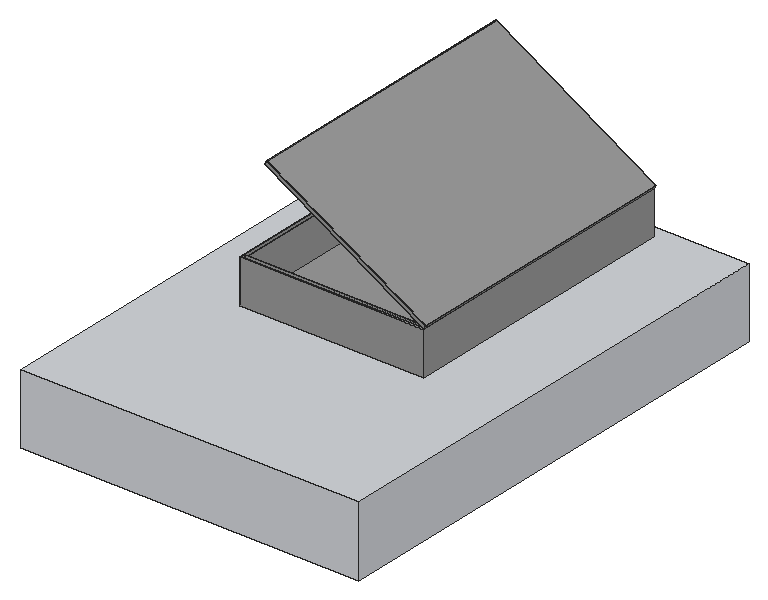
Revit family "Hager-Univers-IP54-D205-H1250-Cl.II-Encl-NL-en", category Equipement électrique, Revit 2020
Family settings
  Hôte = Face
  Configuration du panneau = Deux colonnes, circuits au sein
  Cote de connecteur circulaire = Utiliser le diamètre
  Type d'élément = Tableau de raccordement
  Couper avec des vides une fois chargée = Non
  Partagée = Non
  Point de calcul de pièce = Non
Parameters (values of type "Surface mounted (plaster) IP54 W800 H1250 D205  - FP83QSW")
  Width Control [instance] = if([EF000008 - Width] > Min Width, [EF000008 - Width], Min Width)  # 800 mm
  Commentaires du type = [HG000003 - Range]  # "Univers"
  Thickness Door [instance] = if([EF009171 - Material plate thickness door/cover] > 3 mm, 3 mm, [EF009171 - Material plate thickness door/cover])  # 1 mm
  Seal Frame Offset [instance] = 17 mm  # constant formula
  Plinth Visibility [instance] = [HG000027 - Plinth height] > 0 mm  # no
  Model = ""
  Min Width [instance] = 100 mm  # constant formula
  Min Height [instance] = 100 mm  # constant formula
  Min Depth [instance] = (2 * [EF009170 - Material plate thickness cabinet]) + 1 mm  # 3 mm
  Internal Frame Depth [instance] = (Door System Depth * 0.5)  # 9 mm
  Height Control [instance] = if([EF000040 - Height] > Min Height, [EF000040 - Height], Min Height)  # 1250 mm
  HG000027 - Plinth height = 0 mm
  HG000026 - Floor standing = no
  HG000024 - Bottom section height = 800 mm
  HG000023 - Double section enclosure = no
  HG000016 - Door 3d visibility [instance] = yes
  HG000015 - Clearance visibility [instance] = no
  HG000014 - Door on the right [instance] = yes
  HG000013 - Door on the left [instance] = not([HG000014 - Door on the right])  # no
  HG000012 - Door swing angle [instance] = 30.00°
  HG000010 - Asymmetric doors = no
  HG000009 - Double swing door = no
  HG000006 - Flush mounted = no
  HG000004 - Manufacturer reference = "FP83QSW"
  HG000003 - Range = "Univers"
  HG000002 - With door or cover = yes
  Frame Offset Bottom [instance] = 10 mm  # constant formula
  Frame Offset [instance] = 15 mm  # constant formula
  EF015940 - Cover with overpressure release = no
  EF011959 - Degree of protection (NEMA) = ""
  EF009554 - Number of openings for flange plates = 6
  EF009212 - Cover model = "EV000116 - Closed"
  EF009171 - Material plate thickness door/cover = 1 mm
  EF009170 - Material plate thickness cabinet = 1 mm
  Fabricant = "Hager"  # constant formula
  EF008873 - Nominal current (In) = 250 A
  EF007800 - Suitable for lightning protection = no
  EF006306 - With lock = no
  EF006244 - Transparent cover/door = no
  EF005474 - Degree of protection (IP) = "EV006419 - IP54"
  EF004464 - Type of door = "EV002646 - Single"
  EF004427 - Number of modules = 288
  EF004293 - Impact strength = "EV006815 - IK09"
  EF003532 - Suitable for outdoor use = no
  EF002950 - Width in number of modular spacings = 36
  EF001613 - Circuit integrity = "EV000494 - None"
  EF001596 - Material housing = "EV000179 - Steel"
  EF001131 - Internal depth = 143 mm
  EF001088 - Extension possible = yes
  EF000437 - Number of conduit inlets = 6
  EF000339 - Type of cover = "EV001012 - Cover"
  EF000266 - Number of rows = 8
  EF000218 - Built-in depth = 0 mm
  EF000118 - With mounting plate = no
  EF000116 - RAL-number = "9010"
  EF000049 - Depth = 205 mm
  EF000040 - Height = 1250 mm
  EF000008 - Width = 800 mm
  EF000007 - Colour = "EV000202 - White"
  EF000003 - Mounting method = "EV000384 - Surface mounted (plaster)"
  Door System Leaf Tolerance [instance] = 1.5 mm  # constant formula
  Door System Depth [instance] = 18 mm  # constant formula
  Door Height [instance] = Height Control - [HG000027 - Plinth height]  # 1250 mm
  Depth Control [instance] = if([EF000049 - Depth] > Min Depth, [EF000049 - Depth], Min Depth)  # 205 mm
  Default Elevation = 0 mm
  Connector Offset [instance] = Height Control / 2  # 625 mm
  Bottom Top Plate Trim [instance] = 1.5 mm  # constant formula
  Plinth height Ctrl [instance] = if([HG000027 - Plinth height] > 0 mm, [HG000027 - Plinth height], 12 mm)  # 12 mm
Types (3, lengths in mm): name | Width Control | HG000009 - Double swing door | HG000004 - Manufacturer reference | EF009554 - Number of openings for flange plates | EF004464 - Type of door | EF004427 - Number of modules | EF002950 - Width in number of modular spacings | EF001131 - Internal depth | EF000437 - Number of conduit inlets | EF000339 - Type of cover | EF000008 - Width
  Surface mounted (plaster) IP54 W1050 H1250 D205  - FP84QSW | 1050 | yes | "FP84QSW" | 8 | "EV003602 - Double" | 384 | 48 | 143 | 8 | "EV001012 - Cover" | 1050
  Surface mounted (plaster) IP54 W1300 H1250 D205  - FP85QSW | 1300 | no | "FP85QSW" | 10 | "EV003602 - Double" | 480 | 60 | 130 | 10 | "EV004216 - Door" | 1300
  Surface mounted (plaster) IP54 W800 H1250 D205  - FP83QSW | 800 | no | "FP83QSW" | 6 | "EV002646 - Single" | 288 | 36 | 143 | 6 | "EV001012 - Cover" | 800
Reference planes
  plane 1 "Center (Front/Back)": y = 0
  plane 2: z = 0
  plane 3 "Center (Left/Right)": x = 0
  plane 4: z = 205
  plane 5: y = 1
  plane 6: y = 625
  plane 7: y = 0
  plane 8: y = 1250
  plane 9: z = 0
  plane 10: x = -385
  plane 11: x = 385
  plane 12: x = 384
  plane 13: x = -384
  plane 14: y = 1249
  plane 15: x = -383
  plane 16: x = -400
  plane 17: x = 383
  plane 18: x = 400
  plane 19: x = 399
  plane 20: x = -399
  plane 21: y = 11
  plane 22: y = 1250
  plane 23: y = 1234
  plane 24: z = 187
  plane 25: z = 1
  plane 26: z = 186
  plane 27: z = 204
Forms (mm)
  Extrusion 1, solid
    sketch origin (0, 0, 0) x (1, 0, 0) y (0, 1, 0)
      loop
        line (-702.964, 1305) -> (-702.964, -811.445) -> (766.763, -811.445) -> (766.763, 1305) -> (-702.964, 1305)
    from 0 to -304.8
  Extrusion 2, solid, material "Hager_Steel_RAL7035_Light_Grey", visible <- "Plinth Visibility", detail levels medium+fine
    sketch origin (0, 0, 0) x (1, 0, 0) y (0, 1, 0)
      loop
        line (-400, 0) -> (400, 0) -> (400, 12) -> (-400, 12) -> (-400, 0)
    from 0 to 187
  Extrusion 3, solid, material "Hager_Steel_RAL7035_Light_Grey", detail levels medium+fine
    sketch origin (0, 0, 0) x (1, 0, 0) y (0, 1, 0)
      loop
        line (-400, 0) -> (400, 0) -> (400, 1250) -> (-400, 1250) -> (-400, 0)
    from 0 to 187
  Extrusion 4, void
    sketch origin (0, 0, 0) x (1, 0, 0) y (0, 1, 0)
      loop
        line (-399, 1) -> (399, 1) -> (399, 1249) -> (-399, 1249) -> (-399, 1)
    from 1 to 186
  Extrusion 5, void
    sketch origin (-381.607, -4572, 187) x (0, -1, 0) y (-1, 0, 0)
      loop
        line (-4583, 2.393) -> (-5806, 2.393) -> (-5806, -765.607) -> (-4583, -765.607) -> (-4583, 2.393)
    from 0 to 1 <- "EF009170 - Material plate thickness cabinet"
  Extrusion 6, solid, material "Hager_Steel_RAL7035_Light_Grey", detail levels fine
    sketch origin (0, 0, 187) x (1, 0, 0) y (0, 1, 0)
      loop
        line (-384, 1234) -> (-384, 11) -> (384, 11) -> (384, 1234) -> (-384, 1234)
      loop
        line (-385, 10) -> (385, 10) -> (385, 1235) -> (-385, 1235) -> (-385, 10)
    from 0 to 9 <- "Internal Frame Depth"
  Extrusion 7, solid, material "Hager_Steel_RAL7035_Light_Grey", detail levels coarse
    sketch origin (0, 0, 0) x (1, 0, 0) y (0, 1, 0)
      loop
        line (-400, 0) -> (400, 0) -> (400, 1250) -> (-400, 1250) -> (-400, 0)
    from 0 to 205
  Sweep 8, void
    path in 3D
      loop
        line (-400, 12, 0) -> (400, 12, 0) -> (400, 12, 187) -> (-400, 12, 187) -> (-400, 12, 0)
    profile origin (-400, 12, 93.5) x (-1, 0, 0) y (0, -1, 0)
      loop
        line (0, 0) -> (0, 1.5) -> (-1.5, 1.5)
        arc (-1.5, 1.5) -> (-1.061, 0.439) -> (0, 0) r 1.5
Cuts and joins
  Extrusion 4, Extrusion 5 cuts Extrusion 3
  Sweep 8 cuts Extrusion 2
Lines and regions (mm)
  Masking region 1
    outline origin (0, 0, 0) x (1, 0, 0) y (0, 0, 1)
      loop
        line (-400, 205) -> (-400, 0) -> (400, 0) -> (400, 205) -> (-400, 205)
  Masking region 2, detail levels medium+fine
    outline origin (0, 140, 0) x (0, 1, 0) y (0, 0, 1)
      loop
        line (-140, 0) -> (1110, 0) -> (1110, 187) -> (-140, 187) -> (-140, 0)
  Masking region 3, not visible, detail levels medium+fine
    outline origin (0, 297.922, 0) x (0, 1, 0) y (0, 0, 1)
      loop
        line (338.578, 0) -> (378.578, 0) -> (378.578, 194)
        arc (378.578, 194) -> (375.649, 201.071) -> (368.578, 204) r 10
        line (368.578, 204) -> (338.578, 204) -> (338.578, 0)
  Masking region 4, detail levels coarse
    outline origin (0, 0, 180) x (0, 1, 0) y (0, 0, 1)
      loop
        line (0, -180) -> (1250, -180) -> (1250, 25) -> (0, 25) -> (0, -180)
  Masking region 5, visible <- "Plinth Visibility", detail levels medium+fine
    outline origin (0, 52.24, 12.345) x (0, 0, -1) y (0, 1, 0)
      loop
        line (10.845, -40.24) -> (-173.155, -40.24)
        arc (-173.155, -40.24) -> (-173.594, -41.301) -> (-174.655, -41.74) r 1.5
        line (-174.655, -41.74) -> (-174.655, -52.24) -> (12.345, -52.24) -> (12.345, -41.74)
        arc (12.345, -41.74) -> (11.285, -41.301) -> (10.845, -40.24) r 1.5
  Masking region 6, detail levels medium+fine
    outline origin (-381.607, -4572, 187) x (-1, 0, 0) y (0, -1, 0)
      loop
        line (18.393, -5822) -> (18.393, -4572) -> (-781.607, -4572) -> (-781.607, -5822) -> (18.393, -5822)
  Masking region 7, visible <- "Plinth Visibility", detail levels medium+fine
    outline origin (-381.607, -4727, 187) x (-1, 0, 0) y (0, -1, 0)
      loop
        arc (16.893, -4739) -> (17.332, -4737.939) -> (18.393, -4737.5) r 1.5
        line (18.393, -4737.5) -> (18.393, -4727) -> (-781.607, -4727) -> (-781.607, -4737.5)
        arc (-781.607, -4737.5) -> (-780.546, -4737.939) -> (-780.107, -4739) r 1.5
        line (-780.107, -4739) -> (16.893, -4739)
  Masking region 8, detail levels coarse
    outline origin (-442.548, -4669.526, 187) x (-1, 0, 0) y (0, -1, 0)
      loop
        line (-42.548, -5919.526) -> (-42.548, -4669.526) -> (-842.548, -4669.526) -> (-842.548, -5919.526) -> (-42.548, -5919.526)
  sketch lines
    curve 1: line (-400, 12, 187) -> (-400, 12, 0)
    curve 2: line (400, 12, 187) -> (-400, 12, 187)
    curve 3: line (400, 12, 187) -> (400, 12, 0)
    curve 4: line (-400, 12, 0) -> (400, 12, 0)
Dimensions and locks
  "Depth Control": plane 4 to Extrusion 1
  "HG000027 - Plinth height": plane 1 "Center (Front/Back)" to plane 7
  "EF009170 - Material plate thickness cabinet": plane 5 to plane 7
  locked: connector elem to plane 3 "Center (Left/Right)"
  equal spacing: plane 8, plane 6, plane 7
  locked: connector elem to plane 6
  "EF009170 - Material plate thickness cabinet": plane 8 to plane 14
  "EF009170 - Material plate thickness cabinet": plane 10 to plane 13
  "EF009170 - Material plate thickness cabinet": plane 12 to plane 11
  "Frame Offset": plane 20 to plane 13
  "Frame Offset": plane 12 to plane 19
  "EF009170 - Material plate thickness cabinet": plane 16 to plane 20
  "EF009170 - Material plate thickness cabinet": plane 19 to plane 18
  "Seal Frame Offset": plane 16 to plane 15
  "Seal Frame Offset": plane 17 to plane 18
  "Frame Offset Bottom": plane 21 to plane 5
  "Frame Offset": plane 14 to plane 23
  equal spacing: plane 16, plane 3 "Center (Left/Right)", plane 18
  "Width Control": plane 16 to plane 18
  "EF009170 - Material plate thickness cabinet": plane 4 to plane 27
  "EF009170 - Material plate thickness cabinet": plane 24 to plane 26
  "EF009170 - Material plate thickness cabinet": plane 25 to level
  "Door System Depth": plane 4 to plane 24
  "Height Control": plane 1 "Center (Front/Back)" to Extrusion 7 sketch curve
  "Height Control": Masking region 4 sketch curve to plane 1 "Center (Front/Back)"
  "Height Control": plane 1 "Center (Front/Back)" to plane 22
  "Bottom Top Plate Trim": profile plane to Sweep 8 sketch curve
  "Bottom Top Plate Trim": Sweep 8 sketch curve to profile plane
  "Plinth height Ctrl": plane 1 "Center (Front/Back)" to Extrusion 2 sketch curve
  "Plinth height Ctrl": Masking region 5 sketch curve to plane 1 "Center (Front/Back)"
  "Plinth height Ctrl": plane 1 "Center (Front/Back)" to Masking region 7 sketch curve
  "Thickness Door": Extrusion 6 sketch curve to Extrusion 6 sketch curve  (x3)
  "Thickness Door": cut or joined group of Extrusion 3, Extrusion 4, Extrusion 5 to Extrusion 6 sketch curve
  radius of Masking region 3 sketch curve = 10 mm
  "Bottom Top Plate Trim": radius of Masking region 5 sketch curve  (x2)
  "Bottom Top Plate Trim": radius of Sweep 8 sketch curve
  "Bottom Top Plate Trim": radius of Masking region 7 sketch curve  (x2)
  aligned and locked: plane 2 to Extrusion 1
  aligned and locked: level to Extrusion 1
  aligned and locked: level to Masking region 1 sketch curve
  aligned and locked: Masking region 1 sketch curve to plane 18
  aligned and locked: Masking region 1 sketch curve to plane 16
  aligned and locked: plane 7 to Masking region 2 sketch curve
  aligned and locked: level to Masking region 3 sketch curve
  aligned and locked: Masking region 3 sketch curve to plane 27
  aligned and locked: level to Masking region 2 sketch curve
  aligned and locked: plane 1 "Center (Front/Back)" to Extrusion 2 sketch curve
  aligned and locked: Extrusion 3 sketch curve to plane 7
  aligned and locked: plane 16 to Extrusion 3 sketch curve
  aligned and locked: plane 18 to Extrusion 3 sketch curve
  aligned and locked: plane 20 to Extrusion 4 sketch curve
  aligned and locked: plane 19 to Extrusion 4 sketch curve
  aligned and locked: Extrusion 4 sketch curve to plane 5
  aligned and locked: Extrusion 4 to plane 25
  aligned and locked: plane 26 to Extrusion 4
  aligned and locked: plane 24 to Extrusion 3
  aligned and locked: Extrusion 5 sketch curve to plane 21
  aligned and locked: Extrusion 5 sketch curve to plane 13
  aligned and locked: Extrusion 5 sketch curve to plane 12
  aligned and locked: plane 18 to Extrusion 7 sketch curve
  aligned and locked: plane 1 "Center (Front/Back)" to Extrusion 7 sketch curve
  aligned and locked: plane 16 to Extrusion 7 sketch curve
  aligned and locked: plane 4 to Extrusion 7
  aligned and locked: Extrusion 7 to level
  aligned and locked: level to Masking region 4 sketch curve
  aligned and locked: Masking region 4 sketch curve to plane 1 "Center (Front/Back)"
  aligned and locked: Masking region 4 sketch curve to plane 4
  aligned and locked: nested 1 to level
  aligned and locked: nested 1 to plane 16
  aligned and locked: plane 8 to Extrusion 3 sketch curve
  aligned and locked: plane 23 to Extrusion 5 sketch curve
  aligned and locked: plane 14 to Extrusion 4 sketch curve
  aligned and locked: Masking region 2 sketch curve to plane 8
  aligned and locked: level to Masking region 5 sketch curve
  aligned and locked: plane 16 to Extrusion 2 sketch curve
  aligned and locked: plane 18 to Extrusion 2 sketch curve
  aligned and locked: Masking region 5 sketch curve to plane 24
  aligned and locked: Masking region 2 sketch curve to plane 24
  aligned and locked: plane 24 to Extrusion 2
  aligned and locked: profile plane to Sweep 8 sketch curve  (x2)
  aligned and locked: Masking region 6 sketch curve to plane 18
  aligned and locked: Masking region 6 sketch curve to plane 22
  aligned and locked: Masking region 6 sketch curve to plane 16
  aligned and locked: plane 8 to plane 22
  aligned and locked: Masking region 6 sketch curve to plane 7
  aligned and locked: Masking region 7 sketch curve to plane 16
  aligned and locked: Masking region 7 sketch curve to plane 1 "Center (Front/Back)"
  aligned and locked: Masking region 7 sketch curve to plane 18
  aligned and locked: Masking region 8 sketch curve to plane 1 "Center (Front/Back)"
  aligned and locked: Masking region 8 sketch curve to plane 18
  aligned and locked: Masking region 8 sketch curve to plane 22
  aligned and locked: Masking region 8 sketch curve to plane 16
  aligned and locked: nested 2 to plane 7
  aligned and locked: plane 3 "Center (Left/Right)" to nested 2
  aligned and locked: nested 2 to plane 24
  aligned and locked: Extrusion 6 sketch curve to cut or joined group of Extrusion 3, Extrusion 4, Extrusion 5  (x4)
Automatic sketch dimensions
  Extrusion 1 sketch curve to Extrusion 1 sketch curve = 1469.727 mm
  Extrusion 1 sketch curve to Extrusion 1 sketch curve = 2116.445 mm
  Masking region 1 sketch curve to plane 4 = 0 mm
  plane 6 to Masking region 3 sketch curve = 11.5 mm
  Masking region 3 sketch curve to Masking region 3 sketch curve = 30 mm
  Masking region 5 sketch curve to plane 1 "Center (Front/Back)" = 0 mm
Nested families
  nested 1: "Hager_Enclosure_Symbol" at (-400, 0, 0) x (1, 0, 0) z (0, -1, 0), Height <- "Depth Control", Width <- "Width Control", type "Hager_Enclosure_Symbol"
    with Width_Ctrl 800 mm, Width 800 mm, Height_Ctrl 205 mm, Height 205 mm, A_Width_Int 13.453 mm, A_Width 161.438 mm, A_Height_Ctrl 179.375 mm, A_Height 179.375 mm
  nested 2: "EC000058_Univers_Door" at (0, 0, 187) x (1, 0, 0) z (0, 1, 0), Leaf_Tolerance <- "Door System Leaf Tolerance", Angle <- "HG000012 - Door swing angle", Door_Depth <- "Door System Depth", Door_Left <- "HG000013 - Door on the left", Transparent <- "EF006244 - Transparent cover/door", Assymetrical <- "HG000010 - Asymmetric doors", Width <- "Width Control", Clearance <- "HG000015 - Clearance visibility", Double <- "HG000009 - Double swing door", 3d_Door <- "HG000016 - Door 3d visibility", Lock_Visibility <- "EF006306 - With lock", Width_Ctrl <- "Width Control", Door_Right <- "HG000014 - Door on the right", Door <- "HG000002 - With door or cover", Height <- "Door Height", Thickness <- "Thickness Door", type "EC000058_Univers_Door", detail levels medium+fine
    with min_wh 3 mm, Width_Ctrl 800 mm, Width 800 mm, Transparent no, Thickness 1 mm, Seal_Material Hager_Rubber, Lock_Visibility no, Lock_Material Hager_Plastic_RAL9005_Jet_Black, Leaf_Width 800 mm, Leaf_Tolerance_External_Sides 0 mm, Leaf_Tolerance 1.5 mm, Leaf_Offset 0 mm, Leaf_Height 1247 mm, Leaf_2_Width 800 mm, Leaf_2_Offset 400 mm, Leaf_1_Width 800 mm, Leaf_1_Offset 400 mm, Height_Ctrl 1250 mm, Height 1250 mm, Glass_Material Hager_Glass, Double_Clearance_Ctrl no, Double no, Door_Right_Ctrl yes, Door_Right yes, Door_Material Hager_Steel_RAL7035_Light_Grey, Door_Left_Ctrl no, Door_Left no, Door_Depth 18 mm, Door yes, Clearance_Material Hager_Clearance, Clearance_Depth 800 mm, Clearance_Ctrl no, Clearance no, Assymetrical no, Angle 30.00°, 3d_Door yes
Connectors
  electrical at (0, 625, 0)
    settings: on plane 9, index 1, voltage 0 V, apparent load 0 VA, apparent load phase1 0 VA, apparent load phase2 0 VA, apparent load phase3 0 VA, power factor 1, load classification "Other", number of poles 1, system type 30, power factor state 1, is connector primary yes, connector utility no, sub classification motor no, connector description ""
Definition of nested family "EC000058_Univers_Door"
  Parameters (values of type "EC000058_Univers_Door")
    min_wh [instance] = (2 * Thickness) + 1 mm  # 11 mm
    Width_Ctrl [instance] = 400 mm
    Width [instance] = 500 mm
    Transparent [instance] = yes
    Thickness [instance] = 5 mm
    Seal_Material [instance] = none
    Lock_Visibility [instance] = yes
    Lock_Material [instance] = none
    Leaf_Width [instance] = if((Width_Ctrl - 2 * Leaf_Tolerance_External_Sides) > 0 mm, (Width_Ctrl - 2 * Leaf_Tolerance_External_Sides), min_wh)  # 400 mm
    Leaf_Tolerance_External_Sides [instance] = 0 mm  # constant formula
    Leaf_Tolerance [instance] = 1.5 mm
    Leaf_Offset [instance] = 0 mm  # constant formula
    Leaf_Height [instance] = if((Height_Ctrl - 2 * Leaf_Tolerance) > 0 mm, (Height_Ctrl - 2 * Leaf_Tolerance), min_wh)  # 497 mm
    Leaf_2_Width [instance] = if(and(and(Double, Assymetrical), Door_Left), (Leaf_Width / 3) - (Leaf_Tolerance / 2), if(and(and(Double, Assymetrical), Door_Right), (Leaf_Width / 3) * 2 - (Leaf_Tolerance / 2), if(and(Double, not(Assymetrical)), (Leaf_Width / 2) - Leaf_Tolerance, Leaf_Width)))  # 400 mm
    Leaf_2_Offset [instance] = if(and(Double, Assymetrical), Leaf_2_Width / 2, if(and(Double, not(Assymetrical)), Leaf_Width / 4, Leaf_Width / 2))  # 200 mm
    Leaf_1_Width [instance] = if(and(and(Double, Assymetrical), Door_Right), (Leaf_Width / 3) - (Leaf_Tolerance / 2), if(and(and(Double, Assymetrical), Door_Left), (Width / 3) * 2 - (Leaf_Tolerance / 2), if(and(Double, not(Assymetrical)), (Leaf_Width / 2) - Leaf_Tolerance, Leaf_Width)))  # 400 mm
    Leaf_1_Offset [instance] = if(and(Double, Assymetrical), Leaf_1_Width / 2, if(and(Double, not(Assymetrical)), Leaf_Width / 4, Leaf_Width / 2))  # 200 mm
    Height_Ctrl [instance] = if(Height > min_wh, Height, min_wh)  # 500 mm
    Height [instance] = 500 mm
    Glass_Material [instance] = none
    Double_Clearance_Ctrl [instance] = and(Double, Clearance)  # no
    Double [instance] = no
    Door_Right_Ctrl [instance] = and(or(Door_Right, Double), Door)  # yes
    Door_Right [instance] = yes
    Door_Material [instance] = none
    Door_Left_Ctrl [instance] = and(or(Door_Left, Double), Door)  # no
    Door_Left [instance] = no
    Door_Depth [instance] = 30 mm
    Door [instance] = yes
    Default Elevation = 1219.2 mm
    Clearance_Material [instance] = none
    Clearance_Depth [instance] = if(Leaf_1_Width > Leaf_2_Width, Leaf_1_Width, Leaf_2_Width)  # 400 mm
    Clearance_Ctrl [instance] = and(not(Double), Clearance)  # yes
    Clearance [instance] = yes
    Assymetrical [instance] = yes
    Angle [instance] = 30.00°
    3d_Door [instance] = yes
  Reference planes
    plane 1 "Center (Front/Back)": y = 0
    plane 2 "Bottom": z = 0
    plane 3 "Center (Left/Right)": x = 0
    plane 4: z = 500
    plane 5: x = -200
    plane 6: x = 200
    plane 7: z = 500
    plane 8: x = -200
    plane 9: z = 0
    plane 10: x = 200
    plane 11: y = 0
    plane 12: z = 1.5
    plane 13: x = -600
    plane 14: y = -400
    plane 15: x = 600
    plane 16: x = 0
    plane 17: x = 0
    plane 18: x = -200
    plane 19: x = 200
    plane 20: z = 498.5
  Forms (mm)
    Extrusion 1, solid, material <- "Clearance_Material", visible <- "Double_Clearance_Ctrl"
      sketch origin (1200, 0, 0) x (1, 0, 0) y (0, 0, -1)
        loop
          line (-1800, -498.5) -> (-600, -498.5) -> (-600, 0) -> (-1800, 0) -> (-1800, -498.5)
      from 0 to -400
  Dimensions and locks
    equal spacing: plane 5, plane 3 "Center (Left/Right)", plane 6
    "Width_Ctrl": plane 5 to plane 6
    "Leaf_Offset": plane 5 to plane 8
    "Leaf_Offset": plane 6 to plane 10
    "Leaf_Offset": plane 9 to level
    "Leaf_Offset": plane 4 to plane 7
    "Height_Ctrl": plane 4 to level
    "Leaf_Tolerance": plane 12 to plane 9
    locked: plane 11 to plane 1 "Center (Front/Back)"
    "Leaf_1_Offset": plane 18 to plane 16
    "Leaf_2_Offset": plane 17 to plane 19
    "Leaf_1_Width": plane 13 to plane 8
    "Leaf_2_Width": plane 10 to plane 15
    "Clearance_Depth": plane 14 to plane 1 "Center (Front/Back)"
    "Leaf_Tolerance_External_Sides": plane 8 to plane 18
    "Leaf_Tolerance_External_Sides": plane 19 to plane 10
    "Leaf_Tolerance": plane 7 to plane 20
    aligned and locked: level to plane 2 "Bottom"
    aligned and locked: nested 1 to plane 16
    aligned and locked: nested 2 to plane 17
    aligned and locked: Extrusion 1 to plane 13
    aligned and locked: plane 15 to Extrusion 1
    aligned and locked: Extrusion 1 to plane 14
    aligned and locked: plane 12 to nested 1
    aligned and locked: nested 2 to plane 12
    aligned and locked: Extrusion 1 to plane 11
    aligned and locked: plane 20 to Extrusion 1
    aligned and locked: nested 2 to plane 11
    aligned and locked: nested 1 to plane 11
  Automatic sketch dimensions
    Extrusion 1 sketch curve to level = 0 mm
    plane 5 to Extrusion 1 sketch curve = 400 mm
    plane 6 to Extrusion 1 sketch curve = 400 mm
    Extrusion 1 sketch curve to plane 4 = 1.5 mm
  Nested families
    nested 1: "EC000058_Univers_Door_Leaf" at (0, 0, 1.5), Width <- "Leaf_1_Width", visible <- "Door_Left_Ctrl", Leaf_Height <- "Leaf_Height", Angle <- "Angle", 3d_Door <- "3d_Door", Transparent <- "Transparent", Clearance Material <- "Clearance_Material", Clearance <- "Clearance_Ctrl", Door_Material <- "Door_Material", Glass_Material <- "Glass_Material", Door_Depth <- "Door_Depth", Lock_Material <- "Lock_Material", Seal_Material <- "Seal_Material", Lock_Visibility <- "Lock_Visibility", Thickness <- "Thickness", type "EC000058_Univers_Door_Leaf"
      with Width 400 mm, Transparent_Glass_Offset 30 mm, Transparent_Ctrl yes, Transparent yes, Thickness 5 mm, Standard no, Seal_Material none, Seal_D2 8 mm, Seal_D1 1 mm, Offset_Internal_Frame 10 mm, Lock_Width 20 mm, Lock_Visibility_3d yes, Lock_Visibility yes, Lock_Thickness_3 3 mm, Lock_Thickness_2 1 mm, Lock_Thickness_1 3 mm, Lock_Radius_Offset_2 16 mm, Lock_Radius_Offset_1 15 mm, Lock_Radius_2 5 mm, Lock_Radius 6 mm, Lock_Offset 5 mm, Lock_Material none, Lock_Height 80 mm, Lock_Cover_Top_Offset_2d 17 mm, Lock_Cover_Height -65 mm, Leaf_Height 497 mm, Internal_Seal_Thickness 8 mm, Internal_Seal_Depth_2 4.5 mm, Internal_Frame_Depth 25 mm, Glass_Thickness -1 mm, Glass_Offset -2 mm, Glass_Material none, Door_Material none, Door_Depth 30 mm, Clearance Material none, Clearance yes, Angle_Ctrl 30.00°, Angle 30.00°, 3d_Door yes
    nested 2: "EC000058_Univers_Door_Leaf" at (0, 0, 1.5) x (-1, 0, 0) z (0, 0, 1), Width <- "Leaf_2_Width", visible <- "Door_Right_Ctrl", Leaf_Height <- "Leaf_Height", Angle <- "Angle", 3d_Door <- "3d_Door", Transparent <- "Transparent", Clearance Material <- "Clearance_Material", Clearance <- "Clearance_Ctrl", Door_Material <- "Door_Material", Glass_Material <- "Glass_Material", Door_Depth <- "Door_Depth", Lock_Material <- "Lock_Material", Seal_Material <- "Seal_Material", Lock_Visibility <- "Lock_Visibility", Thickness <- "Thickness", type "EC000058_Univers_Door_Leaf"
      with Width 400 mm, Transparent_Glass_Offset 30 mm, Transparent_Ctrl yes, Transparent yes, Thickness 5 mm, Standard no, Seal_Material none, Seal_D2 8 mm, Seal_D1 1 mm, Offset_Internal_Frame 10 mm, Lock_Width 20 mm, Lock_Visibility_3d yes, Lock_Visibility yes, Lock_Thickness_3 3 mm, Lock_Thickness_2 1 mm, Lock_Thickness_1 3 mm, Lock_Radius_Offset_2 16 mm, Lock_Radius_Offset_1 15 mm, Lock_Radius_2 5 mm, Lock_Radius 6 mm, Lock_Offset 5 mm, Lock_Material none, Lock_Height 80 mm, Lock_Cover_Top_Offset_2d 17 mm, Lock_Cover_Height -65 mm, Leaf_Height 497 mm, Internal_Seal_Thickness 8 mm, Internal_Seal_Depth_2 4.5 mm, Internal_Frame_Depth 25 mm, Glass_Thickness -1 mm, Glass_Offset -2 mm, Glass_Material none, Door_Material none, Door_Depth 30 mm, Clearance Material none, Clearance yes, Angle_Ctrl 30.00°, Angle 30.00°, 3d_Door yes
  Definition of nested family "EC000058_Univers_Door_Leaf"
    Parameters (values of type "EC000058_Univers_Door_Leaf")
      Width [instance] = 2000 mm
      Transparent_Glass_Offset [instance] = 30 mm
      Transparent_Ctrl [instance] = and(Transparent, [3d_Door])  # yes
      Transparent [instance] = yes
      Thickness [instance] = 5 mm
      Standard [instance] = and(not(Transparent), [3d_Door])  # no
      Seal_Material [instance] = none
      Seal_D2 [instance] = 8 mm  # constant formula
      Seal_D1 [instance] = 1 mm  # constant formula
      Offset_Internal_Frame [instance] = 10 mm  # constant formula
      Lock_Width [instance] = 20 mm  # constant formula
      Lock_Visibility_3d [instance] = and(Lock_Visibility, [3d_Door])  # yes
      Lock_Visibility [instance] = yes
      Lock_Thickness_3 [instance] = 3 mm  # constant formula
      Lock_Thickness_2 [instance] = 1 mm  # constant formula
      Lock_Thickness_1 [instance] = 3 mm  # constant formula
      Lock_Radius_Offset_2 [instance] = Lock_Radius_Offset_1 + 1 mm  # 16 mm
      Lock_Radius_Offset_1 [instance] = 15 mm  # constant formula
      Lock_Radius_2 [instance] = Lock_Radius - 1 mm  # 5 mm
      Lock_Radius [instance] = 6 mm  # constant formula
      Lock_Offset [instance] = 5 mm  # constant formula
      Lock_Material [instance] = none
      Lock_Height [instance] = 80 mm  # constant formula
      Lock_Cover_Top_Offset_2d [instance] = Lock_Radius_Offset_2 + 1 mm  # 17 mm
      Lock_Cover_Height [instance] = -(Lock_Height - Lock_Radius_Offset_1)  # -65 mm
      Leaf_Height [instance] = 2720.336 mm
      Internal_Seal_Thickness [instance] = 8 mm  # constant formula
      Internal_Seal_Depth_2 [instance] = 4.5 mm  # constant formula
      Internal_Frame_Depth [instance] = if(Door_Depth - Thickness > 5 mm, Door_Depth - Thickness, 5 mm)  # 25 mm
      Glass_Thickness [instance] = if(Thickness > 15 mm, Glass_Offset + 10 mm, -1 mm)  # -1 mm
      Glass_Offset [instance] = if(Thickness > 15 mm, -(Thickness + 10 mm) / 2, -2 mm)  # -2 mm
      Glass_Material [instance] = none
      Door_Material [instance] = none
      Door_Depth [instance] = 30 mm
      Default Elevation = 0 mm
      Clearance Material [instance] = none
      Clearance [instance] = yes
      Angle_Ctrl [instance] = if(Angle > 180.00°, 180.00°, Angle)  # 90.00°
      Angle [instance] = 90.00°
      3d_Door [instance] = yes
    Reference planes
      plane 1 "Center (Front/Back)": y = 0
      plane 2: z = 0
      plane 3 "Center (Left/Right)": x = 0
      plane 4: y = 2000
      plane 5: x = -1000
      plane 6: x = 1000
      plane 7: x = -3000
      plane 8: z = 2720.336
      plane 9: z = 30
      plane 10: z = 2690.336
      plane 11: x = 970
      plane 12: x = -970
      plane 13: y = -3
      plane 14: z = 107.833
      plane 15: y = -5
      plane 16: y = -223.314
      plane 17: x = -1000
      plane 18: z = 1360.168
      plane 19: y = 30
    Forms (mm)
      Extrusion 1, solid, material <- "Clearance Material", visible <- "Clearance"
        sketch origin (0, 0, 0) x (1, 0, 0) y (0, 0, 1)
          loop
            line (-3000, 2720.336) -> (-3000, 0) -> (1000, 0) -> (1000, 2720.336) -> (-3000, 2720.336)
        from 0 to -2000
      Extrusion 2, solid, material <- "Door_Material", visible <- "Standard", detail levels medium+fine
        sketch origin (-1000, 0, 0) x (0, 1, 0) y (-1, 0, 0)
          loop
            line (0, 30) -> (0, 25) -> (2000, 25) -> (2000, 30) -> (0, 30)
        from 0 to 2720.336 <- "Leaf_Height"
      Extrusion 3, solid, material <- "Door_Material", visible <- "Transparent_Ctrl", detail levels medium+fine
        sketch origin (-1000, 0, 0) x (0, 1, 0) y (-1, 0, 0)
          loop
            line (0, 25) -> (2000, 25) -> (2000, 30) -> (0, 30) -> (0, 25)
        from 0 to 2720.336 <- "Leaf_Height"
      Extrusion 4, void
        sketch origin (-1025, 2000, 0) x (0, 1, 0) y (0, 0, -1)
          loop
            line (-30, -2690.336) -> (-30, -30) -> (-1970, -30) -> (-1970, -2690.336) -> (-30, -2690.336)
        from 0 to 5 <- "Thickness"
      Sweep 5, solid, material <- "Seal_Material", visible <- "Transparent_Ctrl", detail levels fine
        path in 3D
          loop
            line (-1025, 30, 30) -> (-1025, 30, 2690.336) -> (-1025, 1970, 2690.336) -> (-1025, 1970, 30) -> (-1025, 30, 30)
        profile origin (-1025, 1000, 30) x (1, 0, 0) y (0, 0, 1)
          loop
            line (0, 0) -> (0, -8) -> (1, -8) -> (1, 0) -> (0, 0)
      Extrusion 6, solid, material <- "Glass_Material", visible <- "Transparent_Ctrl", detail levels medium+fine
        sketch origin (-1030, 0, 0) x (0, 1, 0) y (0, 0, -1)
          loop
            line (1970, -2690.336) -> (1970, -30) -> (30, -30) -> (30, -2690.336) -> (1970, -2690.336)
        from -2 <- "Glass_Offset" to -1 <- "Glass_Thickness"
      Extrusion 7, solid, material <- "Door_Material", visible <- "3d_Door", detail levels medium+fine
        sketch origin (-1025, 2000, 0) x (0, -1, 0) y (0, 0, -1)
          loop
            line (0, -2720.336) -> (2000, -2720.336) -> (2000, 0) -> (0, 0) -> (0, -2720.336)
          loop
            line (1995, -5) -> (5, -5) -> (5, -2715.336) -> (1995, -2715.336) -> (1995, -5)
        from 0 to 25 <- "Internal_Frame_Depth"
      Sweep 8, solid, material <- "Seal_Material", visible <- "Transparent_Ctrl", detail levels fine
        path in 3D
          loop
            line (-1025, 0, 0) -> (-1025, 2000, 0) -> (-1025, 2000, 2720.336) -> (-1025, 0, 2720.336) -> (-1025, 0, 0)
        profile origin (-1025, 0, 1360.168) x (1, 0, 0) y (0, 1, 0)
          loop
            line (0, 10) -> (2.975, 10)
            arc (2.975, 10) -> (4.053, 10.447) -> (4.5, 11.525) r 1.525
            line (4.5, 11.525) -> (4.5, 16.527)
            arc (4.5, 16.527) -> (4.069, 17.569) -> (3.027, 18) r 1.473
            line (3.027, 18) -> (0, 18) -> (0, 10)
      Extrusion 9, solid, material <- "Lock_Material", visible <- "Lock_Visibility_3d", detail levels fine
        sketch origin (-1030, 0, 0) x (0, 1, 0) y (0, 0, -1)
          loop
            arc (1993.5, -1400.168) -> (1994.561, -1399.729) -> (1995, -1398.668) r 1.5
            line (1995, -1398.668) -> (1995, -1320.168) -> (1975, -1320.168) -> (1975, -1398.668)
            arc (1975, -1398.668) -> (1975.439, -1399.729) -> (1976.5, -1400.168) r 1.5
            line (1976.5, -1400.168) -> (1993.5, -1400.168)
        from 3 <- "Lock_Thickness_1" to 0
      Blend 10, solid, material <- "Lock_Material", visible <- "Lock_Visibility_3d", detail levels fine
        base sketch origin (-1033, 0, 0) x (0, 1, 0) y (0, 0, -1)
          loop
            line (1975, -1320.168) -> (1975, -1398.668)
            arc (1975, -1398.668) -> (1975.439, -1399.729) -> (1976.5, -1400.168) r 1.5
            line (1976.5, -1400.168) -> (1993.5, -1400.168)
            arc (1993.5, -1400.168) -> (1994.561, -1399.729) -> (1995, -1398.668) r 1.5
            line (1995, -1398.668) -> (1995, -1320.168) -> (1975, -1320.168)
        top sketch origin (-1033, 0, 0) x (0, 1, 0) y (0, 0, -1)
          loop
            line (1976, -1320.168) -> (1976, -1398.668)
            arc (1976, -1398.668) -> (1976.146, -1399.022) -> (1976.5, -1399.168) r 0.5
            line (1976.5, -1399.168) -> (1993.5, -1399.168)
            arc (1993.5, -1399.168) -> (1993.854, -1399.022) -> (1994, -1398.668) r 0.5
            line (1994, -1398.668) -> (1994, -1320.168) -> (1976, -1320.168)
        from 0 to 1 <- "Lock_Thickness_2"
      Blend 11, solid, material <- "Lock_Material", visible <- "Lock_Visibility_3d", detail levels fine
        base sketch origin (-1034, 0, 0) x (0, 1, 0) y (0, 0, -1)
          loop
            line (1978, -1320.168) -> (1978, -1384.168)
            arc (1978, -1384.168) -> (1985, -1391.168) -> (1992, -1384.168) r 7
            line (1992, -1384.168) -> (1992, -1320.168) -> (1978, -1320.168)
        top sketch origin (-1034, 0, 0) x (0, 1, 0) y (0, 0, -1)
          loop
            line (1991, -1320.168) -> (1979, -1320.168) -> (1979, -1383.168)
            arc (1979, -1383.168) -> (1985, -1389.168) -> (1991, -1383.168) r 6
            line (1991, -1383.168) -> (1991, -1320.168)
        from 0 to 3 <- "Lock_Thickness_3"
      Extrusion 12, solid, material <- "Lock_Material", visible <- "Lock_Visibility_3d", detail levels fine
        sketch origin (-1030, 1975, 1320.168) x (1, 0, 0) y (0, -1, 0)
          loop
            line (-7, -19) -> (-7, -1) -> (0, -1) -> (0, 0) -> (-8, 0) -> (-8, -20) -> (0, -20) -> (0, -19) -> (-7, -19)
        from 0 to -65 <- "Lock_Cover_Height"
      Extrusion 13, void
        sketch origin (-1038, 1995, 1320.168) x (-1, 0, 0) y (0, 0, -1)
          loop
            line (-5, -65) -> (0, -65) -> (-5, -60) -> (-5, -65)
        from 0 to 20 <- "Lock_Width"
      Extrusion 14, void
        sketch origin (-1038, 1975, 1320.168) x (0, -1, 0) y (0, 0, -1)
          loop
            circle (-10, -15.995) r 6
          loop
            circle (-10, -15.995) r 5
        from 0 to 2
      Extrusion 15, solid, material <- "Lock_Material", visible <- "Lock_Visibility_3d", detail levels medium
        sketch origin (-1030, 0, 0) x (0, 1, 0) y (0, 0, -1)
          loop
            arc (1993.5, -1400.168) -> (1994.561, -1399.729) -> (1995, -1398.668) r 1.5
            line (1995, -1398.668) -> (1995, -1320.168) -> (1975, -1320.168) -> (1975, -1398.668)
            arc (1975, -1398.668) -> (1975.439, -1399.729) -> (1976.5, -1400.168) r 1.5
            line (1976.5, -1400.168) -> (1993.5, -1400.168)
        from 8 to 0
    Cuts and joins
      Extrusion 4 cuts Extrusion 3
      Extrusion 13, Extrusion 14 cuts Extrusion 9
      Extrusion 14 cuts Blend 11
      Extrusion 13, Extrusion 14 cuts Extrusion 12
      joined: Extrusion 9, Blend 10, Blend 11, Extrusion 12
      Extrusion 14 cuts Extrusion 15
    Lines and regions (mm)
      Masking region 1, visible <- "Lock_Visibility", detail levels fine
        outline origin (0, 0, 0) x (0, 1, 0) y (0, 0, 1)
          loop
            line (30, 1320.168) -> (33, 1320.168) -> (33, 1400.168) -> (30, 1400.168) -> (30, 1320.168)
      Masking region 2, visible <- "Lock_Visibility", detail levels fine
        outline origin (0, 3.143, 0) x (0, 1, 0) y (0, 0, 1)
          loop
            line (29.857, 1354.168) -> (30.857, 1354.168) -> (30.857, 1366.168) -> (29.857, 1366.168) -> (29.857, 1354.168)
      Masking region 3, detail levels medium+fine
        outline origin (0, 0, 0) x (0, 1, 0) y (0, 0, 1)
          loop
            line (0, 0) -> (30, 0) -> (30, 2720.336) -> (0, 2720.336) -> (0, 0)
      Masking region 4, detail levels medium+fine
        outline origin (0, 0, 0) x (1, 0, 0) y (0, 0, 1)
          loop
            line (-1000, 2720.336) -> (-1000, 0) -> (1000, 0) -> (1000, 2720.336) -> (-1000, 2720.336)
      Masking region 5, visible <- "Lock_Visibility", detail levels fine
        outline origin (-47.116, 0, 0) x (1, 0, 0) y (0, 0, 1)
          loop
            arc (1024.616, 1399.168) -> (1023.556, 1398.729) -> (1023.116, 1397.668) r 1.5
            line (1023.116, 1397.668) -> (1023.116, 1320.168) -> (1041.116, 1320.168) -> (1041.116, 1397.668)
            arc (1041.116, 1397.668) -> (1040.677, 1398.729) -> (1039.616, 1399.168) r 1.5
            line (1039.616, 1399.168) -> (1024.616, 1399.168)
      Masking region 6, visible <- "Lock_Visibility", detail levels medium+fine
        outline origin (-25, 0, 0) x (1, 0, 0) y (0, 0, 1)
          loop
            arc (1001.5, 1400.168) -> (1000.439, 1399.729) -> (1000, 1398.668) r 1.5
            line (1000, 1398.668) -> (1000, 1320.168) -> (1020, 1320.168) -> (1020, 1398.668)
            arc (1020, 1398.668) -> (1019.561, 1399.729) -> (1018.5, 1400.168) r 1.5
            line (1018.5, 1400.168) -> (1001.5, 1400.168)
      Masking region 7, visible <- "Lock_Visibility", detail levels fine
        outline origin (-73.735, 0, 0) x (1, 0, 0) y (0, 0, 1)
          loop
            line (1051.735, 1382.168) -> (1065.735, 1382.168) -> (1065.735, 1384.168)
            arc (1065.735, 1384.168) -> (1058.735, 1391.168) -> (1051.735, 1384.168) r 7
            line (1051.735, 1384.168) -> (1051.735, 1382.168)
      Masking region 8, visible <- "Lock_Visibility", detail levels fine
        outline origin (-73.735, 0, 0) x (1, 0, 0) y (0, 0, 1)
          loop
            line (1052.735, 1382.168) -> (1064.735, 1382.168) -> (1064.735, 1383.168)
            arc (1064.735, 1383.168) -> (1058.735, 1389.168) -> (1052.735, 1383.168) r 6
            line (1052.735, 1383.168) -> (1052.735, 1382.168)
      Masking region 9, visible <- "Lock_Visibility", detail levels fine
        outline origin (-25, 0, 0) x (1, 0, 0) y (0, 0, 1)
          loop
            line (1020, 1320.168) -> (1020, 1382.168) -> (1000, 1382.168) -> (1000, 1320.168) -> (1020, 1320.168)
      Masking region 10, detail levels medium+fine
        outline origin (0, 0, 0) x (1, 0, 0) y (0, 0, 1)
          loop
            circle (985, 1335.144) r 6
      Masking region 11, detail levels fine
        outline origin (0, 0, 0) x (1, 0, 0) y (0, 0, 1)
          loop
            circle (985, 1335.144) r 5
      Masking region 12, visible <- "Lock_Visibility", detail levels fine
        outline origin (0, 12.767, 0) x (0, 1, 0) y (0, 0, 1)
          loop
            line (20.233, 1320.168) -> (21.233, 1320.168) -> (21.233, 1399.168) -> (20.233, 1400.168) -> (20.233, 1320.168)
      Masking region 13, visible <- "Lock_Visibility", detail levels fine
        outline origin (0, 13.767, -10) x (0, 1, 0) y (0, 0, 1)
          loop
            line (20.233, 1330.168) -> (23.233, 1330.168) -> (23.233, 1399.168) -> (20.233, 1402.168) -> (20.233, 1330.168)
      Masking region 14, visible <- "Lock_Visibility", detail levels fine
        outline origin (0, 12.767, -10) x (0, 1, 0) y (0, 0, 1)
          loop
            line (20.233, 1330.168) -> (25.233, 1330.168) -> (25.233, 1399.305) -> (20.233, 1394.305) -> (20.233, 1330.168)
      Masking region 15, visible <- "Lock_Visibility", detail levels medium
        outline origin (0, 0, 0) x (0, 1, 0) y (0, 0, 1)
          loop
            line (30, 1320.168) -> (38, 1320.168) -> (38, 1400.168) -> (30, 1400.168) -> (30, 1320.168)
      Masking region 16, visible <- "Lock_Visibility", detail levels fine
        outline origin (-1000, 0, 0) x (0, 1, 0) y (-1, 0, 0)
          loop
            line (1975, 30) -> (1995, 30) -> (1995, 38) -> (1975, 38) -> (1975, 30)
          loop
            line (1979, 37) -> (1976, 37) -> (1976, 34) -> (1978, 34) -> (1979, 37)
          loop
            line (1994, 37) -> (1991, 37) -> (1992, 34) -> (1994, 34) -> (1994, 37)
      Masking region 17, visible <- "Lock_Visibility", detail levels medium
        outline origin (-1000, 0, 0) x (0, 1, 0) y (-1, 0, 0)
          loop
            line (1975, 30) -> (1995, 30) -> (1995, 38) -> (1975, 38) -> (1975, 30)
      symbolic lines
        curve 1: line (1000, 0, 0) -> (-3000, 0, 0)
        curve 2: arc (1000, 0, 0) -> (-1000, 2000, 0) -> (-3000, 0, 0) r 2000
        curve 4: line (-1030, 0, 0) -> (-1030, 2000, 0)
      reference lines
        curve 3: line (-1000, 0, 0) -> (-1000, 2000, 0)
      symbolic lines, detail levels medium+fine
        curve 5: line (-1030, 2000, 0) -> (-1025, 2000, 0)
        curve 7: line (-1025, 0, 0) -> (-1030, 0, 0)
        curve 8: line (-1025, 0, 0) -> (-1000, 0, 0)
        curve 9: line (-1000, 0, 0) -> (-1000, 2000, 0)
        curve 10: line (-1000, 2000, 0) -> (-1025, 2000, 0)
      symbolic lines, detail levels fine
        curve 6: line (-1025, 2000, 0) -> (-1025, 0, 0)
      sketch lines
        curve 11: line (-1025, 0, 2720.336) -> (-1025, 0, 0)
        curve 12: line (-1025, 2000, 0) -> (-1025, 0, 0)
        curve 13: line (-1025, 2000, 2720.336) -> (-1025, 2000, 0)
        curve 14: line (-1025, 0, 2720.336) -> (-1025, 2000, 2720.336)
        curve 15: line (-1025, 1970, 30) -> (-1025, 30, 30)
        curve 16: line (-1025, 30, 30) -> (-1025, 30, 2690.336)
        curve 17: line (-1025, 1970, 2690.336) -> (-1025, 1970, 30)
        curve 18: line (-1025, 30, 2690.336) -> (-1025, 1970, 2690.336)
      symbolic lines, visible <- "Transparent", detail levels medium+fine
        curve 19: line (-970, 0, 2690.336) -> (970, 0, 2690.336)
        curve 20: line (-970, 0, 30) -> (-970, 0, 2690.336)
        curve 21: line (970, 0, 30) -> (-970, 0, 30)
        curve 22: line (970, 0, 2690.336) -> (970, 0, 30)
    Dimensions and locks
      "Width": plane 1 "Center (Front/Back)" to plane 4
      equal spacing: plane 5, plane 3 "Center (Left/Right)", plane 6
      "Width": plane 5 to plane 6
      "Width": plane 7 to plane 5
      "Leaf_Height": plane 8 to level
      "Width": curve 5 to curve 3
      "Width": curve 3 to curve 3
      plane 8 to plane 10 = 30 mm
      plane 9 to level = 30 mm
      plane 12 to plane 5 = 30 mm
      plane 6 to plane 11 = 30 mm
      Extrusion 1 to Extrusion 4 sketch curve = 30 mm
      "Transparent_Glass_Offset": curve 3 to Extrusion 4 sketch curve
      "Transparent_Glass_Offset": Extrusion 4 sketch curve to cut or joined group of Extrusion 3, Extrusion 4  (x2)
      cut or joined group of Extrusion 3, Extrusion 4 to Extrusion 6 sketch curve = 30 mm
      "Transparent_Glass_Offset": cut or joined group of Extrusion 3, Extrusion 4 to Extrusion 4 sketch curve
      "Thickness": curve 6 to curve 4
      "Thickness": Extrusion 7 sketch curve to Extrusion 7 sketch curve  (x4)
      "Door_Depth": curve 4 to curve 3
      "Offset_Internal_Frame": profile plane to Sweep 8 sketch curve
      "Internal_Seal_Thickness": Sweep 8 sketch curve to Sweep 8 sketch curve
      "Internal_Seal_Depth_2": profile plane to Sweep 8 sketch curve
      "Seal_D1": profile plane to Sweep 5 sketch curve
      "Seal_D2": profile plane to Sweep 5 sketch curve
      "Thickness": Extrusion 2 sketch curve to Extrusion 2 sketch curve
      equal spacing: Extrusion 9 sketch curve, plane 18, Extrusion 9 sketch curve  (x2)
      equal spacing: Masking region 1 sketch curve, plane 18, Masking region 1 sketch curve
      "Lock_Height": Masking region 1 sketch curve to Masking region 1 sketch curve
      "Lock_Radius": Masking region 2 sketch curve to plane 18 to Masking region 2 sketch curve
      Masking region 2 sketch curve to Masking region 1 = 1 mm
      "Door_Depth": plane 19 to plane 1 "Center (Front/Back)"
      "Lock_Thickness_1": Masking region 1 sketch curve to plane 19
      "Lock_Width": Extrusion 9 sketch curve to Extrusion 9 sketch curve
      "Lock_Height": Extrusion 9 sketch curve to Extrusion 9 sketch curve
      "Lock_Offset": cut or joined group of Extrusion 3, Extrusion 4 to Extrusion 9 sketch curve
      equal spacing: plane 8, plane 18, level
      "Lock_Radius_Offset_1": Blend 11 sketch curve to Blend 10
      locked: Blend 10 to Blend 11 sketch curve at 2  (x2)
      locked: var sketch to Blend 11 sketch curve at 1  (x2)
      "Lock_Radius_Offset_2": Blend 11 sketch curve to Blend 10
      locked: Extrusion 12 sketch curve to Extrusion 12 sketch curve at 1  (x3)
      Masking region 6 sketch curve to Masking region 6 sketch curve = 80 mm
      "Lock_Height": Masking region 6 sketch curve to Masking region 6 sketch curve
      "Lock_Width": Masking region 6 sketch curve to Masking region 6 sketch curve
      locked: Masking region 6 to Masking region 5 sketch curve at 1  (x3)
      locked: Masking region 5 to Masking region 7 sketch curve at 2  (x2)
      "Lock_Radius_Offset_1": Masking region 5 to Masking region 7 sketch curve
      "Lock_Radius_Offset_2": Masking region 5 to Masking region 8 sketch curve
      locked: Masking region 7 to Masking region 8 sketch curve at 1  (x2)
      "Lock_Cover_Top_Offset_2d": Masking region 5 to Masking region 9 sketch curve
      equal spacing: Masking region 9, Masking region 10 sketch curve, Masking region 9
      equal spacing: Masking region 9, Masking region 11 sketch curve, Masking region 9
      Extrusion 15 sketch curve to Extrusion 15 sketch curve = 80 mm
      "Lock_Width": Extrusion 15 sketch curve to Extrusion 15 sketch curve
      "Lock_Height": Extrusion 15 sketch curve to Extrusion 15 sketch curve
      equal spacing: Extrusion 15 sketch curve, plane 18, Extrusion 15 sketch curve
      "Lock_Thickness_3": Masking region 13 sketch curve to Masking region 13 sketch curve
      "Lock_Height": Masking region 12 sketch curve to Masking region 12 sketch curve
      locked: Masking region 13 sketch curve to Masking region 1 at 8
      locked: Masking region 14 sketch curve to Masking region 13 at 1
      locked: Masking region 14 sketch curve to Masking region 1 at 10.863
      "Lock_Height": Masking region 15 sketch curve to Masking region 15 sketch curve
      "Lock_Offset": Extrusion 15 sketch curve to cut or joined group of Extrusion 3, Extrusion 4
      "Lock_Offset": plane 6 to Masking region 6 sketch curve
      radius of Sweep 8 sketch curve = 1.525 mm
      radius of Sweep 8 sketch curve = 1.473 mm
      radius of Extrusion 9 sketch curve = 1.5 mm  (x2)
      "Lock_Radius": radius of Extrusion 14 sketch curve
      "Lock_Radius_2": radius of Extrusion 14 sketch curve
      "Lock_Radius": radius of Masking region 10 sketch curve
      "Lock_Radius_2": radius of Masking region 11 sketch curve
      radius of Extrusion 15 sketch curve = 1.5 mm  (x2)
      "Angle_Ctrl": angle plane 1 "Center (Front/Back)" to curve 3
      locked: Masking region 12 sketch curve to Masking region 12 sketch curve (angle 45.00°)
      locked: Masking region 13 sketch curve to Masking region 13 sketch curve (angle 45.00°)
      locked: Masking region 14 sketch curve to Masking region 14 sketch curve (angle 45.00°)
      aligned and locked: level to plane 2
      aligned and locked: Extrusion 1 to curve 1
      aligned and locked: plane 6 to Extrusion 1
      aligned and locked: Extrusion 1 to plane 1 "Center (Front/Back)"
      aligned and locked: plane 4 to Extrusion 1
      aligned and locked: plane 8 to Extrusion 1
      aligned and locked: curve 7 to Extrusion 2 sketch curve
      aligned and locked: curve 5 to Extrusion 2 sketch curve
      aligned and locked: curve 7 to Extrusion 3 sketch curve
      aligned and locked: Extrusion 3 sketch curve to curve 4
      aligned and locked: Extrusion 3 sketch curve to curve 6
      aligned and locked: Extrusion 3 sketch curve to curve 5
      aligned and locked: curve 9 to curve 3
      aligned and locked: Extrusion 7 sketch curve to cut or joined group of Extrusion 3, Extrusion 4  (x4)
      aligned and locked: plane 17 to curve 3
      aligned and locked: plane 1 "Center (Front/Back)" to curve 3
      aligned and locked: plane 17 to plane 5
      aligned and locked: Sweep 8 sketch curve to profile plane
      aligned and locked: Sweep 5 sketch curve to profile plane  (x2)
      aligned and locked: Masking region 1 to Masking region 2 sketch curve
      aligned and locked: plane 19 to Masking region 1 sketch curve
      aligned and locked: plane 1 "Center (Front/Back)" to Masking region 3 sketch curve
      aligned and locked: plane 19 to Masking region 3 sketch curve
      aligned and locked: level to Masking region 3 sketch curve
      aligned and locked: Masking region 3 sketch curve to plane 8
      aligned and locked: plane 17 to Masking region 4 sketch curve
      aligned and locked: level to Masking region 4 sketch curve
      aligned and locked: Masking region 4 sketch curve to plane 8
      aligned and locked: plane 12 to curve 20
      aligned and locked: plane 10 to curve 19
      aligned and locked: plane 11 to curve 22
      aligned and locked: curve 21 to plane 9
      aligned and locked: Extrusion 2 sketch curve to cut or joined group of Extrusion 3, Extrusion 4
      aligned and locked: Blend 10 sketch curve to Extrusion 9  (x4)
      aligned and locked: Extrusion 9 to Blend 10 sketch curve
      aligned and locked: Blend 10 to Blend 11 sketch curve
      aligned and locked: Extrusion 12 sketch curve to Blend 11
      aligned and locked: Extrusion 12 sketch curve to Extrusion 9  (x4)
      aligned and locked: Masking region 5 sketch curve to Masking region 6
      aligned and locked: Masking region 9 sketch curve to Masking region 6  (x3)
      aligned and locked: Masking region 12 sketch curve to Masking region 1
      aligned and locked: Masking region 13 sketch curve to Masking region 1
      aligned and locked: Masking region 12 to Masking region 14
      aligned and locked: Masking region 14 sketch curve to Masking region 1
      aligned and locked: Masking region 15 sketch curve to Masking region 14
      aligned and locked: Masking region 13 sketch curve to Masking region 12
      aligned and locked: Masking region 16 sketch curve to cut or joined group of Extrusion 14, Extrusion 15  (x4)
      aligned and locked: Masking region 16 sketch curve to cut or joined group of Extrusion 9, Blend 10, Blend 11, Extrusion 12, Extrusion 13, Extrusion 14  (x6)
      aligned and locked: cut or joined group of Extrusion 9, Blend 10, Blend 11, Extrusion 12, Extrusion 13, Extrusion 14 to Masking region 16 sketch curve
      aligned and locked: Masking region 17 sketch curve to cut or joined group of Extrusion 14, Extrusion 15  (x3)
      aligned and locked: Masking region 17 sketch curve to cut or joined group of Extrusion 9, Blend 10, Blend 11, Extrusion 12, Extrusion 13, Extrusion 14
      aligned and locked: Masking region 9 to Masking region 8 sketch curve
      aligned and locked: Masking region 9 to Masking region 7 sketch curve
    Automatic sketch dimensions
      plane 1 "Center (Front/Back)" to curve 2 = 0 mm
      curve 2 to plane 5 = 0 mm
      Extrusion 1 sketch curve to level = 0 mm
      Extrusion 1 sketch curve to plane 7 = 0 mm
      Extrusion 1 sketch curve to plane 6 = 0 mm
      Extrusion 1 sketch curve to plane 8 = 0 mm
      Extrusion 3 to Extrusion 6 sketch curve = 30 mm  (x4)
      Masking region 4 sketch curve to plane 6 = 0 mm
      Blend 10 sketch curve to Extrusion 9 = 1.5 mm
      Blend 10 sketch curve to Extrusion 9 = 1 mm
      Extrusion 13 sketch curve to Extrusion 12 = 0 mm  (x2)
      Extrusion 12 to Extrusion 13 sketch curve = 3 mm
      Extrusion 13 sketch curve to Extrusion 12 = 5 mm
      Extrusion 14 sketch curve to Extrusion 14 sketch curve = 0 mm  (x2)
      Extrusion 14 sketch curve to Extrusion 12 = 10 mm
      Extrusion 14 sketch curve to Extrusion 12 = 15.995 mm
      Masking region 5 sketch curve to Masking region 5 sketch curve = 1.5 mm  (x2)
      Masking region 10 sketch curve to plane 18 = 25.024 mm
      Masking region 11 sketch curve to plane 18 = 25.024 mm
      plane 19 to Masking region 14 sketch curve = 3 mm
      Masking region 16 sketch curve to Masking region 16 sketch curve = 3 mm
      curve 4 to curve 3 = 0 mm
      Blend 10 to Blend 11 sketch curve = 0 mm
      Masking region 6 sketch curve to Masking region 6 sketch curve = 1.5 mm  (x2)
      Masking region 6 sketch curve to plane 18 = 40 mm
      plane 19 to Masking region 12 sketch curve = 3 mm
      Masking region 12 sketch curve to Masking region 12 sketch curve = 1 mm
      Masking region 15 sketch curve to plane 19 = 0 mm
      Masking region 15 sketch curve to plane 18 = 40 mm
      radius of Blend 10 sketch curve to Extrusion 9 = 1 mm
Definition of nested family "Hager_Enclosure_Symbol"
  Parameters (values of type "Hager_Enclosure_Symbol")
    Width_Ctrl [instance] = if(Width > 1 mm, Width, 1 mm)  # 102.27 mm
    Width [instance] = 102.27 mm
    Height_Ctrl [instance] = if(Height > 1 mm, Height, 1 mm)  # 66.5 mm
    A_Width_Int [instance] = if(A_Width / 12 > 2 mm, A_Width / 12, 2 mm)  # 4.364 mm
    A_Width [instance] = if(A_Height_Ctrl * 0.9 > 2 mm, A_Height_Ctrl * 0.9, 2 mm)  # 52.369 mm
    A_Height_Ctrl [instance] = if(A_Height > 2 mm, A_Height, 2 mm)  # 58.188 mm
    Height [instance] = 66.5 mm
    A_Height [instance] = Height - (Height / 8)  # 58.188 mm
  Reference planes
    plane 1 "Centre (avant/arrière)": y = 0
    plane 2: z = 0
    plane 3 "Centre (gauche/droite)": x = 0
    plane 4: x = 52.369
    plane 5: y = 33.042
    plane 6: y = 41.77
    plane 7: y = 66.5
    plane 8: x = 26.184
    plane 9: y = 37.406
    plane 10: x = 102.27
    plane 11: y = 66.5
    plane 12: y = 8.313
  Lines and regions (mm)
    Filled region 1, type "Solid_Black", in view "Niveau de réf."
      outline origin (0, 0, 0) x (1, 0, 0) y (0, 1, 0)
        loop
          line (52.369, 66.5) -> (33.188, 54.536) -> (45.365, 45.006) -> (52.369, 66.5)
    Filled region 2, type "Solid_Black", in view "Niveau de réf."
      outline origin (0, 0, 0) x (1, 0, 0) y (0, 1, 0)
        loop
          line (0, 0) -> (102.27, 0) -> (102.27, 66.5) -> (0, 0)
    detail lines, in view "Niveau de réf."
      curve 1: line (0, 8.313, 0) -> (26.184, 41.77, 0)
      curve 2: line (26.184, 41.77, 0) -> (26.184, 33.042, 0)
      curve 3: line (26.184, 33.042, 0) -> (52.369, 66.5, 0)
  Dimensions and locks
    "A_Width": plane 3 "Centre (gauche/droite)" to plane 4
    equal spacing: plane 3 "Centre (gauche/droite)", plane 8, plane 4
    equal spacing: plane 6, plane 9, plane 5
    equal spacing: curve 3, Filled region 1 sketch curve, Filled region 1 sketch curve
    "Height_Ctrl": plane 1 "Centre (avant/arrière)" to plane 11
    "A_Height_Ctrl": plane 11 to plane 12
    equal spacing: plane 11, plane 9, plane 12
    "A_Width_Int": plane 6 to plane 9
    "Width_Ctrl": plane 3 "Centre (gauche/droite)" to plane 10
    angle Filled region 1 sketch curve to curve 3 = 20.00°
    angle curve 3 to Filled region 1 sketch curve = 20.00°
    locked: curve 3 to Filled region 1 sketch curve (angle 90.00°)
    aligned and locked: plane 10 to Filled region 2
    aligned and locked: plane 11 to Filled region 2 sketch curve
    aligned and locked: plane 10 to Filled region 2 sketch curve
    aligned and locked: plane 3 "Centre (gauche/droite)" to curve 1
    aligned and locked: plane 12 to curve 1
    aligned and locked: plane 7 to plane 11
  Automatic sketch dimensions
    Filled region 1 sketch curve to plane 4 = 0 mm
    Filled region 1 sketch curve to plane 7 = 0 mm
    plane 1 "Centre (avant/arrière)" to Filled region 2 sketch curve = 0 mm
    Filled region 2 sketch curve to plane 3 "Centre (gauche/droite)" = 0 mm
    curve 2 to plane 6 = 0 mm
    curve 2 to plane 8 = 0 mm
    curve 3 to plane 4 = 0 mm
    curve 2 to plane 5 = 0 mm
    curve 3 to plane 7 = 0 mm
